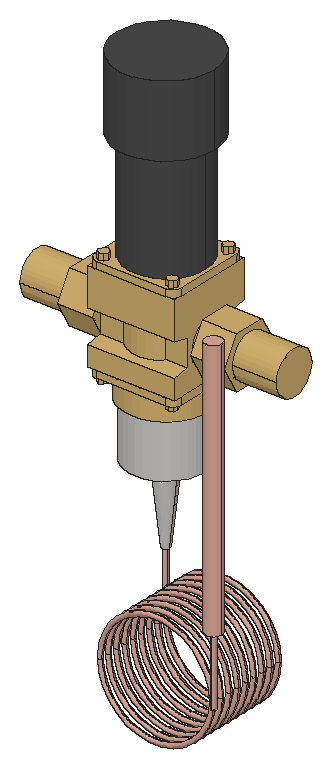
Revit family "AVTB_DN15-25_External_RFA_1", category Pipe Accessories, Revit 2019
Family settings
  Round Connector Dimension = Use Diameter
  Part Type = Valve - Breaks Into
  Work Plane-Based = No
  Always vertical = Yes
  Cut with Voids When Loaded = No
  Shared = No
Parameters (values of type "AVTB_DN25_External_30-100°C_003N5143")
  t = 20 mm
  sensor height = 150 mm
  symbol circle diameter = 40 mm  # constant formula
  hexagon height = 46.2 mm
  hexagon angle = 120.00°  # constant formula
  hegaxon width = 40 mm
  Weight = 1.51 kg
  Valve Body Material = Danfoss Brass
  URL = "https://store.danfoss.com/en/Climate-Solutions-for-heating/Self-acting-Thermostats/Combined-Thermostatic-Controllers/c/4097?q=%3Arelevance%3Adanfoss_producttypehierarchydesc%3Afdae6b1e30cc40c027a57636eae930f63b0453b7%3Adanfoss_producttypehierarchydesc%3A9175c722e9c7eb70cb572c744eb570240734f91f&text="
  Setting Range = "30-100 °C"
  Pressure Drop [instance] = 0.0 Pa
  Nominal Pressure = "PN 16"
  Model Type = "AVTB_DN25_External_30-100°C"
  Model = "003N5143"
  Min Medium Temperature = "2 °C"
  Max Sensor Temperature = "130 °C"
  Max Medium Temperature = "130 °C"
  Max Differential Pressure = "10 bar"
  Manufacturer = "Danfoss"
  LOD 350 [instance] = not(LOD 200)  # yes
  LOD 200 [instance] = no
  L4 = 83 mm
  Tailpiece L = 32.5 mm
  Kvs = 5.5 m³/h
  IfcExportType = "AVTB"  # constant formula
  IfcExportAs = "IfcValveType"  # constant formula
  H2 = 140.3 mm
  H1 = 256.1 mm
  sensor diameter = 9.5 mm
  Flow [instance] = 0.0 m³/h
  Description = "Temperature Controller"
  DN = 25 mm
  Connection = "External thread"  # constant formula
Types (10, lengths in mm): name | t | sensor height | hexagon height | hegaxon width | Weight | Setting Range | Model Type | Model | Max Sensor Temperature | L4 | Tailpiece L | Kvs | H2 | H1 | sensor diameter | DN
  (no name) | 20 | 150 | 46.2 | 40 | 1.51 kg | "30-100 °C" | "AVTB_DN25_External_30-100°C" | "003N5143" | "130 °C" | 83 | 32.5 | 5.5 m³/h | 140.3 | 256.1 | 9.5 | 25
  AVTB_DN15_External_0-30°C_003N5101 | 12.5 | 210 | 30.4 | 26 | 1.62 kg | "0-30 °C" | "AVTB_DN15_External_0-30°C" | "003N5101" | "55 °C" | 75 | 25.5 | 1.9 m³/h | 135.45 | 246.1 | 18 | 15
  AVTB_DN15_External_20-60°C_003N5114 | 12.5 | 180 | 30.4 | 26 | 1.48 kg | "20-60 °C" | "AVTB_DN15_External_20-60°C" | "003N5114" | "90 °C" | 75 | 25.5 | 1.9 m³/h | 135.5 | 246.1 | 9.5 | 15
  AVTB_DN15_External_30-100°C_003N5141 | 12.5 | 150 | 30.4 | 26 | 1.33 kg | "30-100 °C" | "AVTB_DN15_External_30-100°C" | "003N5141" | "130 °C" | 75 | 25.5 | 1.9 m³/h | 135.5 | 246.1 | 9.5 | 15
  AVTB_DN20_External_0-30°C_003N5102 | 15 | 210 | 35.6 | 30.8 | 1.63 kg | "0-30 °C" | "AVTB_DN20_External_0-30°C" | "003N5102" | "55 °C" | 80 | 27.5 | 3.4 m³/h | 138 | 246.1 | 18 | 20
  AVTB_DN20_External_20-60°C_003N5115 | 15 | 180 | 35.6 | 30.8 | 1.48 kg | "20-60 °C" | "AVTB_DN20_External_20-60°C" | "003N5115" | "90 °C" | 80 | 27.5 | 3.4 m³/h | 138 | 246.1 | 9.5 | 20
  AVTB_DN20_External_30-100°C_003N5142 | 15 | 150 | 35.6 | 30.8 | 1.38 kg | "30-100°C\r\n0-30 °C\r\n0-30 °C\r\n30-100 °C" | "AVTB_DN20_External_30-100°C" | "003N5142" | "130 °C" | 80 | 27.5 | 3.4 m³/h | 138 | 246.1 | 9.5 | 20
  AVTB_DN25_External_0-30°C_003N5103 | 20 | 210 | 46.2 | 40 | 1.77 kg | "0-30 °C" | "AVTB_DN25_External_0-30°C" | "003N5103" | "55 °C" | 83 | 32.5 | 5.5 m³/h | 140.25 | 256.1 | 18 | 25
  AVTB_DN25_External_20-60°C_003N5116 | 20 | 180 | 46.2 | 40 | 1.64 kg | "20-60 °C" | "AVTB_DN25_External_20-60°C" | "003N5116" | "90 °C" | 83 | 32.5 | 5.5 m³/h | 140.3 | 256.1 | 9.5 | 25
  AVTB_DN25_External_30-100°C_003N5143 | 20 | 150 | 46.2 | 40 | 1.51 kg | "30-100 °C" | "AVTB_DN25_External_30-100°C" | "003N5143" | "130 °C" | 83 | 32.5 | 5.5 m³/h | 140.3 | 256.1 | 9.5 | 25
Reference planes
  plane 1 "Center (Front/Back)": y = 0
  plane 2: z = 0
  plane 3 "Center (Left/Right)": x = 0
  plane 4: x = -41.5
  plane 5: x = 41.5
  plane 6: z = 140.3
  plane 7: z = -84
  plane 8: z = 98.85
  plane 9: z = 35.15
  plane 10: z = 31.35
  plane 11: z = -20.95
  plane 12: z = -24.986
  plane 13: z = -37.796
  plane 14: z = -69.95
  plane 15: z = -115.8
  plane 16: z = 38.75
  plane 17: z = -28.55
  plane 18: z = 34.2
  plane 19 "Sensor front": y = -47.442
  plane 20: x = -25
  plane 21: x = 25
  plane 22 "Sensor right": x = 65.5
  plane 23: z = 50.742
  plane 24: x = -74
  plane 25: x = 74
  plane 26: x = 95.479
  plane 27: x = -91.5
Forms (mm)
  Extrusion 1, solid, material "Danfoss Plastic Black", visible <- "LOD 350", detail levels fine
    sketch origin (0, 0, 0) x (1, 0, 0) y (0, 1, 0)
      loop
        circle (0, 0) r 28.018
    from 98.85 to 140.3
  Extrusion 2, solid, material "Danfoss Plastic Black", visible <- "LOD 350", detail levels fine
    sketch origin (0, 0, 0) x (1, 0, 0) y (0, 1, 0)
      loop
        circle (-0.033, 0.634) r 22.8
    from 35.15 to 98.85
  Extrusion 3, solid, material "Danfoss Brass" <- "Valve Body Material", visible <- "LOD 350", detail levels fine
    sketch origin (0, 0, 0) x (1, 0, 0) y (0, 1, 0)
      loop
        arc (-20, 25) -> (-23.536, 23.536) -> (-25, 20) r 5
        line (-25, 20) -> (-25, -20)
        arc (-25, -20) -> (-23.536, -23.536) -> (-20, -25) r 5
        line (-20, -25) -> (20, -25)
        arc (20, -25) -> (23.536, -23.536) -> (25, -20) r 5
        line (25, -20) -> (25, 20)
        arc (25, 20) -> (23.536, 23.536) -> (20, 25) r 5
        line (20, 25) -> (-20, 25)
    from 31.35 to 35.15
  Extrusion 4, solid, material "Danfoss Brass" <- "Valve Body Material", visible <- "LOD 350", detail levels fine
    sketch origin (0, 0, 0) x (0, 1, 0) y (0, 0, 1)
      loop
        line (-25, 31.35) -> (-25, 9.554) -> (-15.75, 7.923) -> (-15.75, -7.869) -> (-25.002, -9.5) -> (-25.002, -20.95) -> (25.002, -20.95) -> (25.002, -9.504) -> (15.75, -7.872) -> (15.75, 7.923) -> (25, 9.554) -> (25, 31.35) -> (-25, 31.35)
    from -25 to 25
  Extrusion 5, solid, material "Danfoss Brass" <- "Valve Body Material", visible <- "LOD 350", detail levels fine
    sketch origin (0, 0, 0) x (1, 0, 0) y (0, 1, 0)
      loop
        circle (0, 0) r 20
    from -18.187 to 18.187
  Extrusion 6, solid, material "Danfoss Brass" <- "Valve Body Material", visible <- "LOD 350", detail levels fine
    sketch origin (0, 0, 0) x (1, 0, 0) y (0, 1, 0)
      loop
        arc (-20, 25) -> (-23.536, 23.536) -> (-25, 20) r 5
        line (-25, 20) -> (-25, -20)
        arc (-25, -20) -> (-23.536, -23.536) -> (-20, -25) r 5
        line (-20, -25) -> (20, -25)
        arc (20, -25) -> (23.536, -23.536) -> (25, -20) r 5
        line (25, -20) -> (25, 20)
        arc (25, 20) -> (23.536, 23.536) -> (20, 25) r 5
        line (20, 25) -> (-20, 25)
    from -24.986 to -20.95
  Extrusion 7, solid, material "Danfoss Brass" <- "Valve Body Material", visible <- "LOD 350", detail levels fine
    sketch origin (0, 0, 0) x (1, 0, 0) y (0, 1, 0)
      loop
        circle (0, 0) r 24
    from -37.796 to -24.986
  Extrusion 8, solid, material "Danfoss Stainless Steel AISI 304 / AISI 316L", visible <- "LOD 350", detail levels fine
    sketch origin (0, 0, 0) x (1, 0, 0) y (0, 1, 0)
      loop
        circle (0, 0) r 21.8
    from -69.95 to -37.796
  Blend 9, solid, material "Danfoss Stainless Steel AISI 304 / AISI 316L", detail levels fine
    base sketch origin (0, 0, 0) x (1, 0, 0) y (0, 1, 0)
      loop
        circle (0, 0) r 2.25
    top sketch origin (0, 0, 0) x (1, 0, 0) y (0, 1, 0)
      loop
        circle (0, 0) r 7.4
    from -115.8 to -69.95
  Extrusion 10, solid, material "Danfoss Brass" <- "Valve Body Material", visible <- "LOD 350", detail levels fine
    sketch origin (0, 0, 0) x (1, 0, 0) y (0, 1, 0)
      loop
        line (20, 22.95) -> (17.898, 22.069) -> (17.05, 19.988) -> (17.911, 17.918) -> (20, 17.05) -> (22.102, 17.931) -> (22.95, 20.012) -> (22.089, 22.082) -> (20, 22.95)
      loop
        line (-20, 22.95) -> (-22.102, 22.069) -> (-22.95, 19.988) -> (-22.089, 17.918) -> (-20, 17.05) -> (-17.898, 17.931) -> (-17.05, 20.012) -> (-17.911, 22.082) -> (-20, 22.95)
      loop
        line (-20, -17.063) -> (-22.102, -17.943) -> (-22.95, -20.024) -> (-22.089, -22.095) -> (-20, -22.963) -> (-17.898, -22.082) -> (-17.05, -20.001) -> (-17.911, -17.93) -> (-20, -17.063)
      loop
        line (20, -17.063) -> (17.898, -17.943) -> (17.05, -20.024) -> (17.911, -22.095) -> (20, -22.963) -> (22.102, -22.082) -> (22.95, -20.001) -> (22.089, -17.93) -> (20, -17.063)
    from 35.15 to 38.75
  Extrusion 11, solid, material "Danfoss Brass" <- "Valve Body Material", visible <- "LOD 350", detail levels fine
    sketch origin (0, 0, 0) x (1, 0, 0) y (0, 1, 0)
      loop
        line (20, 22.95) -> (17.898, 22.069) -> (17.05, 19.988) -> (17.911, 17.918) -> (20, 17.05) -> (22.102, 17.931) -> (22.95, 20.012) -> (22.089, 22.082) -> (20, 22.95)
      loop
        line (-20, 22.95) -> (-22.102, 22.069) -> (-22.95, 19.988) -> (-22.089, 17.918) -> (-20, 17.05) -> (-17.898, 17.931) -> (-17.05, 20.012) -> (-17.911, 22.082) -> (-20, 22.95)
      loop
        line (-20, -17.063) -> (-22.102, -17.943) -> (-22.95, -20.024) -> (-22.089, -22.095) -> (-20, -22.963) -> (-17.898, -22.082) -> (-17.05, -20.001) -> (-17.911, -17.93) -> (-20, -17.063)
      loop
        line (20, -17.063) -> (17.898, -17.943) -> (17.05, -20.024) -> (17.911, -22.095) -> (20, -22.963) -> (22.102, -22.082) -> (22.95, -20.001) -> (22.089, -17.93) -> (20, -17.063)
    from -28.55 to -24.986
  Extrusion 12, solid, material "Danfoss Copper", detail levels fine
    sketch origin (-65.5, 47.442, 0) x (1, 0, 0) y (0, 1, 0)
      loop
        circle (65.5, -47.442) r 1.192
    from -115.8 to -155.065
  Sweep 13, solid, material "Danfoss Copper", detail levels fine
    path origin (-2.25, 41.511, 0) x (1, 0, 0) y (0, 0, 1)
      loop
        circle (34.686, -152.188) r 32.357
    profile origin (32.436, 41.511, -119.831) x (0, 0, -1) y (0, -1, 0)
      loop
        circle (0, 41.511) r 1.211
  Extrusion 14, solid, material "Danfoss Plastic Black", visible <- "LOD 200", detail levels fine
    sketch origin (0, 0, 0) x (1, 0, 0) y (0, 1, 0)
      loop
        circle (0, 0) r 27.977
    from 31.35 to 140.3
  Extrusion 15, solid, material "Danfoss Stainless Steel AISI 304 / AISI 316L", visible <- "LOD 200", detail levels fine
    sketch origin (0, 0, 0) x (1, 0, 0) y (0, 1, 0)
      loop
        circle (0, 0) r 25
    from -69.95 to -20.95
  Extrusion 16, solid, material "Danfoss Brass" <- "Valve Body Material", visible <- "LOD 200", detail levels fine
    sketch origin (0, 0, 0) x (0, 1, 0) y (0, 0, 1)
      loop
        line (-24.851, 31.35) -> (-24.851, -20.95) -> (25, -20.95) -> (25, 31.35) -> (-24.851, 31.35)
    from -25 to 25
  Sweep 17, solid, material "Danfoss Copper", detail levels fine
    path origin (0, -47.442, 0) x (-1, 0, 0) y (0, 0, 1)
      loop
        line (-65.5, -115.8) -> (-65.5, 34.2)
    profile origin (65.5, -47.442, -40.8) x (1, 0, 0) y (0, 1, 0)
      loop
        circle (0, 0) r 4.75
  Sweep 18, solid, material "Danfoss Copper", detail levels fine
    path origin (0, -47.442, 0) x (-1, 0, 0) y (0, 0, 1)
      loop
        line (-65.5, -115.8) -> (-65.5, -155.8)
    profile origin (65.5, -47.442, -135.8) x (0, 1, 0) y (-1, 0, 0)
      loop
        circle (0, 0) r 1.399
  Extrusion 19, solid, material "Danfoss Brass" <- "Valve Body Material", detail levels fine
    sketch origin (0, 0, 0) x (0, 1, 0) y (0, 0, 1)
      loop
        circle (0, 0) r 12.5
    from -41.5 to 41.5
  Sweep 20, solid, material "Danfoss Copper", detail levels fine
    path origin (-2.25, -5.93, 0) x (1, 0, 0) y (0, 0, 1)
      loop
        circle (34.686, -152.188) r 32.357
    profile origin (32.436, -5.93, -119.831) x (0, 0, -1) y (0, -1, 0)
      loop
        circle (0, 41.511) r 1.211
  Sweep 21, solid, material "Danfoss Copper", detail levels fine
    path origin (-2.25, 35.581, 0) x (1, 0, 0) y (0, 0, 1)
      loop
        circle (34.686, -152.188) r 32.357
    profile origin (32.436, 35.581, -119.831) x (0, 0, -1) y (0, -1, 0)
      loop
        circle (0, 41.511) r 1.211
  Sweep 22, solid, material "Danfoss Copper", detail levels fine
    path origin (-2.25, 29.651, 0) x (1, 0, 0) y (0, 0, 1)
      loop
        circle (34.686, -152.188) r 32.357
    profile origin (32.436, 29.651, -119.831) x (0, 0, -1) y (0, -1, 0)
      loop
        circle (0, 41.511) r 1.211
  Sweep 23, solid, material "Danfoss Copper", detail levels fine
    path origin (-2.25, 23.721, 0) x (1, 0, 0) y (0, 0, 1)
      loop
        circle (34.686, -152.188) r 32.357
    profile origin (32.436, 23.721, -119.831) x (0, 0, -1) y (0, -1, 0)
      loop
        circle (0, 41.511) r 1.211
  Sweep 24, solid, material "Danfoss Copper", detail levels fine
    path origin (-2.25, 17.791, 0) x (1, 0, 0) y (0, 0, 1)
      loop
        circle (34.686, -152.188) r 32.357
    profile origin (32.436, 17.791, -119.831) x (0, 0, -1) y (0, -1, 0)
      loop
        circle (0, 41.511) r 1.211
  Sweep 25, solid, material "Danfoss Copper", detail levels fine
    path origin (-2.25, 11.86, 0) x (1, 0, 0) y (0, 0, 1)
      loop
        circle (34.686, -152.188) r 32.357
    profile origin (32.436, 11.86, -119.831) x (0, 0, -1) y (0, -1, 0)
      loop
        circle (0, 41.511) r 1.211
  Sweep 26, solid, material "Danfoss Copper", detail levels fine
    path origin (-2.25, 5.93, 0) x (1, 0, 0) y (0, 0, 1)
      loop
        circle (34.686, -152.188) r 32.357
    profile origin (32.436, 5.93, -119.831) x (0, 0, -1) y (0, -1, 0)
      loop
        circle (0, 41.511) r 1.211
  Sweep 27, solid, material "Danfoss Copper", detail levels fine
    path origin (-2.25, 0, 0) x (1, 0, 0) y (0, 0, 1)
      loop
        circle (34.686, -152.188) r 32.357
    profile origin (32.436, 0, -119.831) x (0, 0, -1) y (0, -1, 0)
      loop
        circle (0, 41.511) r 1.211
Dimensions and locks
  "L4": plane 5 to plane 4
  equal spacing: plane 5, plane 3 "Center (Left/Right)", plane 4
  "H1": plane 6 to plane 15
  locked: plane 6 to plane 8 at 41.45
  locked: plane 8 to plane 9 at 63.7
  locked: plane 9 to plane 10 at 3.8
  locked: plane 11 to plane 12 at 4.036
  locked: plane 11 to plane 7 at 63.05
  locked: plane 13 to plane 14 at 32.154
  locked: plane 12 to plane 13 at 12.81
  locked: plane 16 to plane 9 at 3.6
  "sensor height": plane 18 to plane 15
  locked: plane 3 "Center (Left/Right)" to plane 20 at 25
  locked: plane 1 "Center (Front/Back)" to plane 19 "Sensor front" at 47.442
  locked: plane 3 "Center (Left/Right)" to plane 22 "Sensor right" at 65.5
  locked: plane 23 to level at 50.742
  equal spacing: Extrusion 4, plane 1 "Center (Front/Back)", Extrusion 4
  Extrusion 4 to Extrusion 4 = 31.5 mm
  plane 6 to plane 15 = 256.1 mm
  "H2": plane 6 to level
  "Tailpiece L": plane 4 to plane 24
  "Tailpiece L": plane 5 to plane 25
  plane 24 to plane 27 = 17.5 mm
  equal spacing: group 1, group 3, group 4, group 5, group 6, group 7, group 8, group 9, group 2  (x2)
  equal spacing: group 2, group 9, group 8, group 7, group 6, group 5, group 4, group 3, group 1
  "sensor diameter": diameter of Sweep 17 sketch curve
  "DN": diameter of Extrusion 19 sketch curve
  aligned and locked: level to plane 2
  aligned and locked: plane 6 to Extrusion 1
  aligned and locked: Extrusion 1 to plane 8
  aligned and locked: plane 8 to Extrusion 2
  aligned and locked: Extrusion 2 to plane 9
  aligned and locked: plane 9 to Extrusion 3
  aligned and locked: Extrusion 3 to plane 10
  aligned and locked: plane 11 to Extrusion 6
  aligned and locked: Extrusion 6 to plane 12
  aligned and locked: plane 12 to Extrusion 7
  aligned and locked: Extrusion 7 to plane 13
  aligned and locked: Extrusion 8 to plane 14
  aligned and locked: plane 13 to Extrusion 8
  aligned and locked: Blend 9 to plane 15
  aligned and locked: plane 14 to Blend 9
  aligned and locked: plane 16 to Extrusion 10
  aligned and locked: Extrusion 10 to plane 9
  aligned and locked: Extrusion 11 to plane 17
  aligned and locked: plane 12 to Extrusion 11
  aligned and locked: plane 15 to Extrusion 12
  aligned and locked: plane 6 to Extrusion 14
  aligned and locked: Extrusion 15 to plane 14
  aligned and locked: plane 11 to Extrusion 15
  aligned and locked: Extrusion 16 to plane 20
  aligned and locked: plane 21 to Extrusion 16
  aligned and locked: Extrusion 16 to plane 11
  aligned and locked: Extrusion 14 to plane 10
  aligned and locked: plane 10 to Extrusion 16
  aligned and locked: plane 18 to Sweep 17 sketch curve
  aligned and locked: plane 5 to Extrusion 19
  aligned and locked: Extrusion 19 to plane 4
  aligned and locked: plane 5 to nested 1
  aligned and locked: plane 4 to nested 2
Automatic sketch dimensions
  plane 1 "Center (Front/Back)" to Extrusion 1 sketch curve = 0 mm
  Extrusion 1 sketch curve to plane 3 "Center (Left/Right)" = 0 mm
  Extrusion 2 sketch curve to plane 3 "Center (Left/Right)" = 0.033 mm
  Extrusion 2 sketch curve to plane 1 "Center (Front/Back)" = 0.634 mm
  Extrusion 3 sketch curve to plane 20 = 0 mm
  Extrusion 3 sketch curve to plane 21 = 0 mm
  plane 20 to Extrusion 3 sketch curve = 5 mm  (x2)
  Extrusion 3 sketch curve to plane 21 = 5 mm
  Extrusion 3 sketch curve to Extrusion 3 sketch curve = 5 mm
  plane 19 "Sensor front" to Extrusion 3 sketch curve = 22.442 mm
  Extrusion 3 sketch curve to plane 1 "Center (Front/Back)" = 20 mm
  Extrusion 4 sketch curve to plane 11 = 0 mm
  Extrusion 4 sketch curve to plane 10 = 0 mm
  Extrusion 4 sketch curve to level = 9.5 mm
  plane 19 "Sensor front" to Extrusion 4 sketch curve = 22.44 mm
  Extrusion 4 sketch curve to Extrusion 4 sketch curve = 0.002 mm
  Extrusion 4 sketch curve to Extrusion 4 sketch curve = 9.25 mm  (x2)
  Extrusion 4 sketch curve to plane 1 "Center (Front/Back)" = 15.75 mm
  level to Extrusion 4 sketch curve = 9.554 mm
  Extrusion 4 sketch curve to Extrusion 4 sketch curve = 9.252 mm
  Extrusion 4 sketch curve to level = 9.504 mm
  Extrusion 4 sketch curve to level = 7.872 mm
  Extrusion 4 sketch curve to level = 7.869 mm
  level to Extrusion 4 sketch curve = 7.923 mm  (x2)
  Extrusion 4 sketch curve to Extrusion 4 sketch curve = 1.631 mm
  Extrusion 5 sketch curve to plane 3 "Center (Left/Right)" = 0 mm
  Extrusion 5 sketch curve to plane 1 "Center (Front/Back)" = 0 mm
  Extrusion 6 sketch curve to plane 20 = 0 mm
  Extrusion 6 sketch curve to plane 21 = 0 mm
  plane 20 to Extrusion 6 sketch curve = 5 mm  (x2)
  Extrusion 6 sketch curve to plane 21 = 5 mm
  Extrusion 6 sketch curve to Extrusion 6 sketch curve = 5 mm
  plane 19 "Sensor front" to Extrusion 6 sketch curve = 22.442 mm
  Extrusion 6 sketch curve to plane 1 "Center (Front/Back)" = 20 mm
  Extrusion 7 sketch curve to plane 3 "Center (Left/Right)" = 0 mm
  Extrusion 7 sketch curve to plane 1 "Center (Front/Back)" = 0 mm
  Extrusion 8 sketch curve to plane 3 "Center (Left/Right)" = 0 mm
  Extrusion 8 sketch curve to plane 1 "Center (Front/Back)" = 0 mm
  plane 1 "Center (Front/Back)" to Blend 9 sketch curve = 0 mm  (x2)
  Blend 9 sketch curve to plane 3 "Center (Left/Right)" = 0 mm  (x2)
  plane 20 to Extrusion 10 sketch curve = 2.05 mm  (x2)
  Extrusion 10 sketch curve to Extrusion 10 sketch curve = 0.848 mm  (x4)
  Extrusion 10 sketch curve to Extrusion 10 sketch curve = 0.861 mm  (x6)
  Extrusion 10 sketch curve to Extrusion 10 sketch curve = 2.089 mm  (x8)
  Extrusion 10 sketch curve to Extrusion 10 sketch curve = 2.102 mm  (x8)
  Extrusion 10 sketch curve to plane 21 = 7.95 mm  (x2)
  Extrusion 10 sketch curve to plane 21 = 2.05 mm  (x2)
  plane 1 "Center (Front/Back)" to Extrusion 10 sketch curve = 22.963 mm  (x2)
  Extrusion 10 sketch curve to Extrusion 10 sketch curve = 0.868 mm  (x8)
  Extrusion 10 sketch curve to Extrusion 10 sketch curve = 0.881 mm  (x4)
  Extrusion 10 sketch curve to Extrusion 10 sketch curve = 2.071 mm  (x8)
  Extrusion 10 sketch curve to Extrusion 10 sketch curve = 2.081 mm  (x8)
  Extrusion 10 sketch curve to plane 1 "Center (Front/Back)" = 17.05 mm  (x2)
  plane 20 to Extrusion 11 sketch curve = 2.05 mm  (x2)
  Extrusion 11 sketch curve to Extrusion 11 sketch curve = 0.848 mm  (x4)
  Extrusion 11 sketch curve to Extrusion 11 sketch curve = 0.861 mm  (x6)
  Extrusion 11 sketch curve to Extrusion 11 sketch curve = 2.089 mm  (x8)
  Extrusion 11 sketch curve to Extrusion 11 sketch curve = 2.102 mm  (x8)
  Extrusion 11 sketch curve to plane 21 = 7.95 mm  (x2)
  Extrusion 11 sketch curve to plane 21 = 2.05 mm  (x2)
  plane 1 "Center (Front/Back)" to Extrusion 11 sketch curve = 22.963 mm  (x2)
  Extrusion 11 sketch curve to Extrusion 11 sketch curve = 0.868 mm  (x8)
  Extrusion 11 sketch curve to Extrusion 11 sketch curve = 0.881 mm  (x4)
  Extrusion 11 sketch curve to Extrusion 11 sketch curve = 2.071 mm  (x8)
  Extrusion 11 sketch curve to Extrusion 11 sketch curve = 2.081 mm  (x8)
  Extrusion 11 sketch curve to plane 1 "Center (Front/Back)" = 17.05 mm  (x2)
  plane 1 "Center (Front/Back)" to Extrusion 12 sketch curve = 0 mm
  Extrusion 12 sketch curve to plane 3 "Center (Left/Right)" = 0 mm
  Sweep 13 sketch curve to profile plane = 0 mm
  plane 1 "Center (Front/Back)" to Extrusion 14 sketch curve = 0 mm
  Extrusion 14 sketch curve to plane 3 "Center (Left/Right)" = 0 mm
  plane 1 "Center (Front/Back)" to Extrusion 15 sketch curve = 0 mm
  Extrusion 15 sketch curve to plane 3 "Center (Left/Right)" = 0 mm
  Extrusion 16 sketch curve to plane 11 = 0 mm
  Extrusion 16 sketch curve to plane 10 = 0 mm
  plane 19 "Sensor front" to Extrusion 16 sketch curve = 22.591 mm
  Extrusion 16 sketch curve to plane 1 "Center (Front/Back)" = 25 mm
  Sweep 17 sketch curve to plane 22 "Sensor right" = 0 mm
  Sweep 17 sketch curve to plane 15 = 0 mm
  Sweep 17 sketch curve to plane 19 "Sensor front" = 0 mm
  Sweep 17 sketch curve to profile plane = 0 mm
  Sweep 18 sketch curve to plane 22 "Sensor right" = 0 mm
  Sweep 18 sketch curve to plane 15 = 0 mm
  Sweep 18 sketch curve to Sweep 18 sketch curve = 40 mm
  Sweep 18 sketch curve to plane 19 "Sensor front" = 0 mm
  Sweep 18 sketch curve to profile plane = 0 mm
  Extrusion 19 sketch curve to level = 0 mm
  Extrusion 19 sketch curve to plane 1 "Center (Front/Back)" = 0 mm
  profile plane to Sweep 13 sketch curve = 41.511 mm
  Sweep 20 sketch curve to profile plane = 0 mm
  profile plane to Sweep 20 sketch curve = 41.511 mm
  Sweep 21 sketch curve to profile plane = 0 mm
  profile plane to Sweep 21 sketch curve = 41.511 mm
  Sweep 22 sketch curve to profile plane = 0 mm
  profile plane to Sweep 22 sketch curve = 41.511 mm
  Sweep 23 sketch curve to profile plane = 0 mm
  profile plane to Sweep 23 sketch curve = 41.511 mm
  Sweep 24 sketch curve to profile plane = 0 mm
  profile plane to Sweep 24 sketch curve = 41.511 mm
  Sweep 25 sketch curve to profile plane = 0 mm
  profile plane to Sweep 25 sketch curve = 41.511 mm
  Sweep 26 sketch curve to profile plane = 0 mm
  profile plane to Sweep 26 sketch curve = 41.511 mm
  Sweep 27 sketch curve to profile plane = 0 mm
  profile plane to Sweep 27 sketch curve = 41.511 mm
  radius of Extrusion 1 sketch curve = 28.018 mm
  radius of Extrusion 2 sketch curve = 22.8 mm
  radius of Extrusion 5 sketch curve = 20 mm
  radius of Extrusion 7 sketch curve = 24 mm
  radius of Extrusion 8 sketch curve = 21.8 mm
  radius of Blend 9 sketch curve = 2.25 mm
  radius of Blend 9 sketch curve = 7.4 mm
  radius of Extrusion 12 sketch curve = 1.192 mm
  radius of Sweep 13 sketch curve = 32.357 mm
  radius of Sweep 13 sketch curve = 1.211 mm
  radius of Extrusion 14 sketch curve = 27.977 mm
  radius of Extrusion 15 sketch curve = 25 mm
  radius of Sweep 18 sketch curve = 1.399 mm
  radius of Sweep 20 sketch curve = 32.357 mm
  radius of Sweep 20 sketch curve = 1.211 mm
  radius of Sweep 21 sketch curve = 32.357 mm
  radius of Sweep 21 sketch curve = 1.211 mm
  radius of Sweep 22 sketch curve = 32.357 mm
  radius of Sweep 22 sketch curve = 1.211 mm
  radius of Sweep 23 sketch curve = 32.357 mm
  radius of Sweep 23 sketch curve = 1.211 mm
  radius of Sweep 24 sketch curve = 32.357 mm
  radius of Sweep 24 sketch curve = 1.211 mm
  radius of Sweep 25 sketch curve = 32.357 mm
  radius of Sweep 25 sketch curve = 1.211 mm
  radius of Sweep 26 sketch curve = 32.357 mm
  radius of Sweep 26 sketch curve = 1.211 mm
  radius of Sweep 27 sketch curve = 32.357 mm
  radius of Sweep 27 sketch curve = 1.211 mm
Nested families
  nested 1: "External thread tailpiece" at (28.167, 0, 0), R <- "DN", Tailpiece L <- "Tailpiece L", t <- "t", material <- "Valve Body Material", type "External thread tailpiece", detail levels fine
    with z 34.682 mm, y 30 mm, x 6.667 mm, t 20 mm, material Danfoss Brass, angle 120.00°, Tailpiece L 32.5 mm, R 25 mm
  nested 2: "External thread tailpiece" at (-28.167, 0, 0) x (-1, 0, 0) z (0, 0, 1), R <- "DN", Tailpiece L <- "Tailpiece L", t <- "t", material <- "Valve Body Material", type "External thread tailpiece", detail levels fine
    with z 34.682 mm, y 30 mm, x 6.667 mm, t 20 mm, material Danfoss Brass, angle 120.00°, Tailpiece L 32.5 mm, R 25 mm
  nested 3: "AVTB symbol" at (0, 0, 0), H2 <- "H2", length <- "L4", type "AVTB symbol", detail levels coarse+medium
    with length 83 mm, hexagon height 35 mm, H2 140.3 mm
Connectors
  piping at (41.5, 0, 0), diameter 25, driven by "Flow", driven by "DN"
    settings: on nested 3, index 3, connector inside diameter 609.6 mm, connector length 0 mm, flow factor 0, pipe flow 0.0 m³/h, pressure drop 0.0 Pa, fitting loss kfactor 0, connector angle 0.00°, fixture units 0, engagement length 0 mm, angle of deflection 0.00°, flow configuration 0, flow direction 0, fitting loss method 0, system type 29, joint type 0, gender type 0, connector reference index 4, connector utility 0, adjustable connector no, is connector primary yes, connector description ""
  piping at (-41.5, 0, 0), diameter 25, driven by "Flow", driven by "DN"
    settings: on nested 3, index 4, connector inside diameter 609.6 mm, connector length 0 mm, flow factor 0, pipe flow 0.0 m³/h, pressure drop 0.0 Pa, fitting loss kfactor 0, connector angle 0.00°, fixture units 0, engagement length 0 mm, angle of deflection 0.00°, flow configuration 0, flow direction 0, fitting loss method 0, system type 29, joint type 0, gender type 0, connector reference index 3, connector utility 0, adjustable connector no, is connector primary no, connector description ""
Definition of nested family "External thread tailpiece"
  Parameters (values of type "External thread tailpiece")
    z [instance] = 2 * y / 1.73  # 23.121 mm
    y [instance] = R + 5 mm  # 20 mm
    x [instance] = t / 3  # 6.667 mm
    t [instance] = 20 mm
    material [instance] = none
    angle [instance] = 120.00°
    Tailpiece L [instance] = 32.5 mm
    R [instance] = 15 mm
  Reference planes
    plane 1 "Center (Front/Back)": y = 0
    plane 2: z = 0
    plane 3 "Center (Left/Right)": x = 0
    plane 4: x = 20
    plane 5: x = 13.333
    plane 6: x = 45.833
  Forms (mm)
    Extrusion 1, solid, material <- "material"
      sketch origin (0, 0, 0) x (0, 1, 0) y (0, 0, 1)
        loop
          circle (0, 0) r 7.5
      from 13.333 to 45.833
    Extrusion 2, solid, material <- "material"
      sketch origin (0, 0, 0) x (0, 1, 0) y (0, 0, 1)
        loop
          line (-5.787, 10) -> (-11.561, 0) -> (-5.787, -10) -> (5.787, -10) -> (11.561, 0) -> (5.787, 10) -> (-5.787, 10)
      from 0 to 20
  Dimensions and locks
    "t": plane 3 "Center (Left/Right)" to plane 4
    "x": plane 5 to plane 4
    "Tailpiece L": plane 5 to plane 6
    "y": Extrusion 2 sketch curve to Extrusion 2 sketch curve
    equal spacing: Extrusion 2 sketch curve, level, Extrusion 2 sketch curve
    equal spacing: Extrusion 2 sketch curve, plane 1 "Center (Front/Back)", Extrusion 2 sketch curve
    "z": Extrusion 2 sketch curve to Extrusion 2 sketch curve
    "R": diameter of Extrusion 1 sketch curve
    "angle": angle Extrusion 2 sketch curve to Extrusion 2 sketch curve  (x5)
    aligned and locked: level to plane 2
    aligned and locked: Extrusion 1 to plane 5
    aligned and locked: plane 6 to Extrusion 1
    aligned and locked: plane 4 to Extrusion 2
    aligned and locked: Extrusion 2 to plane 3 "Center (Left/Right)"
  Automatic sketch dimensions
    Extrusion 1 sketch curve to level = 0 mm
    Extrusion 1 sketch curve to plane 1 "Center (Front/Back)" = 0 mm
    Extrusion 2 sketch curve to level = 0 mm  (x2)
Definition of nested family "AVTB symbol"
  Parameters (values of type "AVTB symbol")
    length [instance] = 90 mm
    hexagon height [instance] = 35 mm
    circle diameter = 44 mm
    H2 [instance] = 133 mm
  Reference planes
    plane 1 "Center (Front/Back)": y = 0
    plane 2: z = 0
    plane 3 "Center (Left/Right)": x = 0
    plane 4: x = -45
    plane 5: x = 45
    plane 6: y = 133
    plane 7: y = 17.5
    plane 8: y = -17.5
    plane 9: y = 60.134
    plane 10: x = 90
    plane 11: y = 111.854
    plane 12: y = 51.854
    plane 13: x = 85
    plane 14: x = 95
    plane 15: z = 17.5
    plane 16: z = -17.5
    plane 17: z = 43
    plane 18: z = 133
    plane 19: z = 112
    plane 20: z = 52
    plane 21: z = 55
    plane 22: z = 75
  Forms (mm)
    Extrusion 1, solid, not visible
      sketch origin (0, 0, 0) x (0, 1, 0) y (0, 0, 1)
        loop
          circle (0, 0) r 5
      from -45 to 45
  Lines and regions (mm)
    symbolic lines
      curve 1: line (-45, 17.5, 0) -> (45, -17.5, 0)
      curve 2: line (45, -17.5, 0) -> (45, 17.5, 0)
      curve 3: line (45, 17.5, 0) -> (-45, -17.5, 0)
      curve 4: line (-45, -17.5, 0) -> (-45, 17.5, 0)
      curve 5: line (0, 133, 0) -> (0, 104.134, 0)
      curve 6: line (0, 60.134, 0) -> (0, 0, 0)
      curve 7: circle (0, 82.134, 0) r 22 normal (0, 0, 1)
      curve 8: line (0, 133, 0) -> (90, 133, 0)
      curve 9: line (90, 133, 0) -> (90, 111.854, 0)
      curve 10: line (85.257, 111.854, 0) -> (95, 111.854, 0)
      curve 11: line (95, 111.854, 0) -> (95, 51.854, 0)
      curve 12: line (95, 51.854, 0) -> (85.257, 51.854, 0)
      curve 13: line (85.257, 51.854, 0) -> (85.257, 111.854, 0)
      curve 29: line (0, 73.451, 0) -> (0, 90.605, 0)
      curve 30: line (-5, 90.605, 0) -> (5, 90.605, 0)
    model lines
      curve 14: line (-45, 0, 17.5) -> (-45, 0, -17.5)
      curve 15: line (-45, 0, -17.5) -> (45, 0, 17.5)
      curve 16: line (45, 0, 17.5) -> (45, 0, -17.5)
      curve 17: line (45, 0, -17.5) -> (-45, 0, 17.5)
      curve 18: line (0, 0, 0) -> (0, 0, 43)
      curve 19: circle (0, 0, 65) r 22 normal (0, -1, 0)
      curve 20: line (0, 0, 87) -> (0, 0, 133)
      curve 21: line (0, 0, 133) -> (90, 0, 133)
      curve 22: line (90, 0, 133) -> (90, 0, 112)
      curve 23: line (85, 0, 112) -> (95, 0, 112)
      curve 24: line (95, 0, 112) -> (95, 0, 52)
      curve 25: line (95, 0, 52) -> (85, 0, 52)
      curve 26: line (85, 0, 52) -> (85, 0, 112)
      curve 27: line (0, 0, 55) -> (0, 0, 75)
      curve 28: line (-5, 0, 75) -> (5, 0, 75)
  Dimensions and locks
    equal spacing: plane 4, plane 3 "Center (Left/Right)", plane 5
    "length": plane 4 to plane 5
    "H2": plane 6 to plane 1 "Center (Front/Back)"
    equal spacing: plane 7, plane 1 "Center (Front/Back)", plane 8
    "hexagon height": plane 7 to plane 8
    locked: plane 9 to plane 7 at 42.634
    locked: plane 3 "Center (Left/Right)" to plane 10 at 90
    locked: plane 6 to plane 11 at 21.146
    locked: plane 11 to plane 12 at 60
    locked: plane 13 to plane 10 at 5
    locked: plane 10 to plane 14 at 5
    equal spacing: plane 15, level, plane 16
    "hexagon height": plane 15 to plane 16
    locked: plane 17 to level at 43
    "H2": plane 18 to level
    locked: plane 19 to plane 20 at 60
    plane 18 to plane 19 = 21 mm
    locked: plane 21 to plane 17 at 12
    locked: plane 22 to plane 21 at 20
    "circle diameter": diameter of curve 7
    "circle diameter": diameter of curve 19
    aligned and locked: level to plane 2
    aligned and locked: plane 9 to curve 6
    aligned and locked: plane 21 to curve 27
    aligned and locked: curve 28 to plane 22
    aligned and locked: Extrusion 1 to plane 4
    aligned and locked: plane 5 to Extrusion 1
  Automatic sketch dimensions
    curve 14 to plane 4 = 0 mm
    curve 20 to plane 3 "Center (Left/Right)" = 0 mm
    curve 27 to plane 3 "Center (Left/Right)" = 0 mm
    curve 18 to level = 0 mm
    curve 18 to plane 3 "Center (Left/Right)" = 0 mm
    curve 19 to plane 3 "Center (Left/Right)" = 0 mm
    curve 17 to plane 5 = 0 mm
    curve 26 to plane 13 = 0 mm
    curve 21 to plane 10 = 0 mm
    curve 24 to plane 14 = 0 mm
    curve 14 to plane 16 = 0 mm
    curve 17 to plane 16 = 0 mm
    curve 17 to plane 15 = 0 mm
    curve 18 to plane 17 = 0 mm
    curve 25 to plane 20 = 0 mm
    curve 23 to plane 19 = 0 mm
    curve 20 to plane 18 = 0 mm
    curve 28 to plane 3 "Center (Left/Right)" = 5 mm
    plane 3 "Center (Left/Right)" to curve 28 = 5 mm
    curve 1 to plane 4 = 0 mm
    curve 29 to plane 3 "Center (Left/Right)" = 0 mm
    curve 5 to plane 3 "Center (Left/Right)" = 0 mm
    curve 6 to plane 3 "Center (Left/Right)" = 0 mm
    curve 7 to plane 3 "Center (Left/Right)" = 0 mm
    curve 3 to plane 5 = 0 mm
    curve 13 to plane 11 = 0 mm
    curve 13 to plane 12 = 0 mm
    curve 8 to plane 6 = 0 mm
    curve 8 to plane 10 = 0 mm
    curve 11 to plane 14 = 0 mm
    curve 1 to plane 8 = 0 mm
    curve 3 to plane 8 = 0 mm
    plane 1 "Center (Front/Back)" to curve 6 = 0 mm
    curve 2 to plane 7 = 0 mm
    plane 13 to curve 13 = 0.257 mm
    curve 30 to plane 3 "Center (Left/Right)" = 5 mm
    plane 3 "Center (Left/Right)" to curve 30 = 5 mm
    curve 29 to curve 7 = 8.683 mm
    curve 7 to curve 30 = 8.471 mm
    Extrusion 1 sketch curve to level = 0 mm
    Extrusion 1 sketch curve to plane 1 "Center (Front/Back)" = 0 mm
    radius of Extrusion 1 sketch curve = 5 mm
